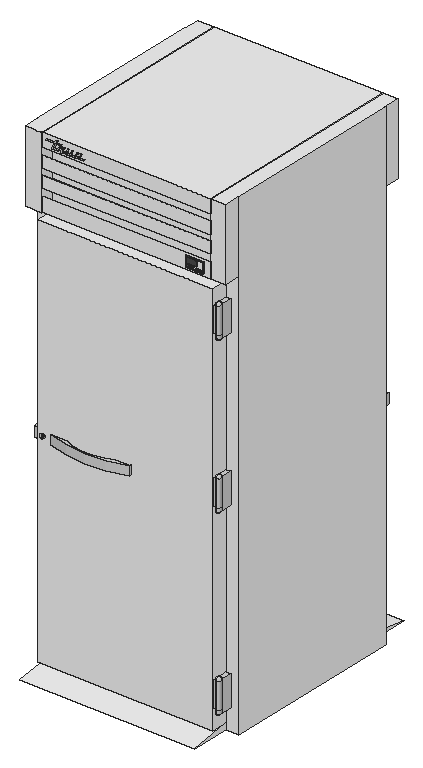
Revit family
Parameters
  Weight in Pounds = 0
  Watts = Volts * FL Amps  # 1023.5 W
  Volts = 115 V
  URL Cutsheet = "www.truemfg.com"
  URL = "www.truemfg.com"
  Type Mark [instance] = ""
  Type Comments = ""
  Status [instance] = ""
  Specification by User [instance] = ""
  Specification by Manufacturer = ""
  Show Logo [instance] = yes
  Show Clearance [instance] = yes
  Serial Number = ""
  Seismic Rating = ""
  SMACNA No = ""
  Revision Code [instance] = ""
  Phase = 1
  Omniclass Number and Title = ""
  Number of Poles [instance] = 1
  NAFEM Spec ID Number = ""
  Model = "STA1RRT-1S-1S"
  Min Ckt Ampacity = 0 A
  Max Overcurrent Protection = 0 A
  Masterspec = ""
  Manufacturer = "TRUE FOOD SERVICE EQUIPMENT, INC."
  Length = 35"
  Item Number [instance] = ""
  Installed By [instance] = ""
  Identify Quantity as Lot [instance] = yes
  Height = 83 3/4"
  HP = "1/3"
  Furnished By [instance] = ""
  Foodservice Equipment Identifier [instance] = yes
  FL Amps = 8.9 A
  Electrical Remarks [instance] = ""
  Electric Connection Type [instance] = ""
  Elec Conn RI Height [instance] = 0"
  Elec Conn Connection Height [instance] = 0"
  Description = "Roll-thru Solid Swing Door Refrigerator"
  Depth = 37 1/2"
  Cycle = 60 Hz
  Conn Plug = "5-15P"
  Conn Conduit = yes
  CSI MasterFormat = ""
  CSI Master Format = ""
  Apparent Power = if(Phase = 3, Volts * FL Amps * 1.73, Volts * FL Amps)  # 1023.5 VA
Reference planes (in)
  plane 1 "BACK": y = 0
  plane 2: z = 0
  plane 3 "LEFT": x = 0
  plane 4 "RIGHT": x = 35
  plane 5 "FRONT": y = -37.5
  plane 6 "TOP": z = 83.75
  plane 7: x = 2.84375
  plane 8: y = -37.4542
  plane 9: x = 32.15625
  plane 10: y = -0.0458
  plane 11: y = -18.75
  plane 12: z = 69.90625
Forms (in)
  Extrusion 1, solid, material "QF_Finishes_Chrome - Satin"
    sketch origin (0.05, 0, 0) x (1, 0, 0) y (0, 1, 0)
      loop
        line (-0.05, -2.75) -> (-0.05, -34.75) -> (2.87859, -34.75) -> (2.87859, -2.75) -> (-0.05, -2.75)
    from 0 to 83.75
  Extrusion 2, solid, material "QF_Finishes_Chrome - Satin"
    sketch origin (50.15, 0, 0) x (1, 0, 0) y (0, 1, 0)
      loop
        line (-17.85, -2.75) -> (-17.85, -34.75) -> (-15.15, -34.75) -> (-15.15, -2.75) -> (-17.85, -2.75)
    from 0 to 83.75
  Extrusion 3, solid, material "QF_Finishes_Chrome - Satin"
    sketch origin (0, 0, 0) x (0, 1, 0) y (0, 0, 1)
      loop
        line (-37.4542, 71.28125) -> (-34.75, 71.28125) -> (-34.75, 0) -> (-2.75, 0) -> (-2.75, 71.28125) -> (-0.0458, 71.28125) -> (-0.0458, 73.81726) -> (-2.25, 72.25) -> (-2.25, 73.52557) -> (-0.0458, 75.09284) -> (-0.0458, 77.18904) -> (-2.25, 75.62178) -> (-2.25, 76.58254) -> (-0.0458, 78.1498) -> (-0.0458, 80.28351) -> (-2.25, 78.71625) -> (-2.25, 79.83852) -> (-0.0458, 81.40578) -> (-0.0458, 83.75) -> (-37.4542, 83.75) -> (-37.4542, 81.40578) -> (-35.25, 79.83852) -> (-35.25, 78.71625) -> (-37.4542, 80.28351) -> (-37.4542, 78.1498) -> (-35.25, 76.58254) -> (-35.25, 75.62178) -> (-37.4542, 77.18904) -> (-37.4542, 75.09284) -> (-35.25, 73.52557) -> (-35.25, 72.25) -> (-37.4542, 73.81726) -> (-37.4542, 71.28125)
    from 2.92859 to 32.3
  Extrusion 4, solid, material "QF_Finishes_Chrome - Satin"
    sketch origin (0, 0, 0) x (1, 0, 0) y (0, 1, 0)
      loop
        line (34.84782, -34.75) -> (32.3, -34.75) -> (32.3, -37.5) -> (34.84782, -37.5) -> (34.84782, -34.75)
      loop
        line (34.84782, -2.75) -> (34.84782, 0) -> (32.3, 0) -> (32.3, -2.75) -> (34.84782, -2.75)
    from 71.28125 to 83.75
  Extrusion 5, solid, material "QF_Finishes_Chrome - Satin"
    sketch origin (-50.125, 0, 0.25) x (1, 0, 0) y (0, 1, 0)
      loop
        line (53.05359, -34.75) -> (50.24109, -34.75) -> (50.24109, -37.5) -> (53.05359, -37.5) -> (53.05359, -34.75)
      loop
        line (53.05359, -2.75) -> (53.05359, 0) -> (50.24109, 0) -> (50.24109, -2.75) -> (53.05359, -2.75)
    from 71.03125 to 83.5
  Extrusion 6, solid, material "QF_Finishes_Chrome - Satin"
    sketch origin (-24.96875, -3.75, -0.71875) x (1, 0, 0) y (0, 0, 1)
      loop
        line (27.25, 1.71875) -> (57.65625, 1.71875) -> (57.65625, 70.625) -> (27.25, 70.625) -> (27.25, 1.71875)
    from 31 to 33.75
  Extrusion 7, solid, material "QF_Finishes_Handrails and Railings"
    sketch origin (58.625, -0.25, 24.93519) x (1, 0, 0) y (0, 1, 0)
      loop
        line (-53.875, -37.25) -> (-53.875, -37.45)
        arc (-53.875, -37.45) -> (-47.075, -38.65633) -> (-40.275, -37.45) r 19.7687
        line (-40.275, -37.45) -> (-40.275, -37.25) -> (-42.675, -37.25)
        arc (-42.675, -37.25) -> (-47.075, -38.40816) -> (-51.475, -37.25) r 8.93713
        line (-51.475, -37.25) -> (-53.875, -37.25)
    from 10.87731 to 12.37731
  Extrusion 8, solid, material "QF_Finishes_Handrails and Railings"
    sketch origin (-23.375, -3.83467, -3.5) x (1, 0, 0) y (0, 0, 1)
      loop
        circle (26.4375, 40.0625) r 0.35
      loop
        line (26.47265, 40.33635) -> (26.41715, 40.33635) -> (26.41715, 39.76895) -> (26.47265, 39.76895) -> (26.47265, 40.33635)
    from 33.5 to 33.83066
  Extrusion 9, solid, material "QF_Finishes_Handrails and Railings", visible <- "Show Logo"
    sketch origin (0.33478, -2.68623, 4.98732) x (1, 0, 0) y (0, 0, 1)
      loop
        line (3.46044, 78.08731) -> (3.35478, 77.86073) -> (4.76027, 77.86073)
        arc (4.76027, 77.86073) -> (4.78879, 77.81028) -> (4.76027, 77.75984) r 0.05887
        line (4.76027, 77.75984) -> (4.39369, 76.97372)
        arc (4.39369, 76.97372) -> (4.39051, 76.90091) -> (4.43975, 76.84717) r 0.09523
        line (4.43975, 76.84717) -> (5.33844, 76.84717)
        arc (5.33844, 76.84717) -> (5.45192, 76.88295) -> (5.52436, 76.97735) r 0.19785
        line (5.52436, 76.97735) -> (5.81285, 77.59601) -> (6.0779, 77.59601)
        arc (6.0779, 77.59601) -> (6.14744, 77.57043) -> (6.13737, 77.49703) r 0.05911
        line (6.13737, 77.49703) -> (5.89598, 76.97937)
        arc (5.89598, 76.97937) -> (5.89974, 76.8934) -> (5.97231, 76.84717) r 0.09318
        line (5.97231, 76.84717) -> (6.76198, 76.84717)
        arc (6.76198, 76.84717) -> (6.82249, 76.86919) -> (6.85468, 76.92495) r 0.09412
        arc (6.85468, 76.92495) -> (6.87746, 76.86995) -> (6.93246, 76.84717) r 0.07778
        line (6.93246, 76.84717) -> (7.43246, 76.84717)
        arc (7.43246, 76.84717) -> (7.49022, 76.86265) -> (7.53251, 76.90493) r 0.11552
        arc (7.53251, 76.90493) -> (7.55275, 76.85606) -> (7.60162, 76.83581) r 0.06912
        line (7.60162, 76.83581) -> (8.31225, 76.83581)
        arc (8.31225, 76.83581) -> (8.37034, 76.85988) -> (8.39441, 76.91797) r 0.08216
        arc (8.39441, 76.91797) -> (8.44767, 76.86472) -> (8.52042, 76.84522) r 0.14551
        line (8.52042, 76.84522) -> (9.85158, 76.84522) -> (9.99946, 77.10134) -> (8.65678, 77.10134)
        arc (8.65678, 77.10134) -> (8.61972, 77.12704) -> (8.61834, 77.17211) r 0.05009
        line (8.61834, 77.17211) -> (8.64157, 77.22192)
        arc (8.64157, 77.22192) -> (8.67723, 77.26864) -> (8.73327, 77.28635) r 0.09747
        line (8.73327, 77.28635) -> (9.16485, 77.28635)
        arc (9.16485, 77.28635) -> (9.258, 77.31131) -> (9.32619, 77.3795) r 0.1863
        line (9.32619, 77.3795) -> (9.45119, 77.59601)
        arc (9.45119, 77.59601) -> (9.45119, 77.71157) -> (9.35111, 77.76934) r 0.11556
        line (9.35111, 77.76934) -> (8.89562, 77.76934)
        arc (8.89562, 77.76934) -> (8.7795, 77.74962) -> (8.69849, 77.66412) r 0.18605
        line (8.69849, 77.66412) -> (8.48204, 77.19993)
        arc (8.48204, 77.19993) -> (8.41815, 77.11667) -> (8.31806, 77.08511) r 0.1745
        line (8.31806, 77.08511) -> (7.84559, 77.08511)
        arc (7.84559, 77.08511) -> (7.78903, 77.14684) -> (7.79268, 77.23048) r 0.10939
        line (7.79268, 77.23048) -> (8.04395, 77.76934) -> (7.88403, 77.76934) -> (7.61781, 77.19844)
        arc (7.61781, 77.19844) -> (7.56609, 77.13103) -> (7.48505, 77.10548) r 0.14128
        line (7.48505, 77.10548) -> (7.15925, 77.10548)
        arc (7.15925, 77.10548) -> (7.10419, 77.17723) -> (7.116, 77.26689) r 0.11816
        line (7.116, 77.26689) -> (7.3503, 77.76934) -> (7.18514, 77.76934) -> (6.91546, 77.191)
        arc (6.91546, 77.191) -> (6.85285, 77.12839) -> (6.76733, 77.10548) r 0.17104
        line (6.76733, 77.10548) -> (6.29555, 77.10548)
        arc (6.29555, 77.10548) -> (6.21082, 77.14499) -> (6.20267, 77.23813) r 0.0935
        line (6.20267, 77.23813) -> (6.35774, 77.57069) -> (6.57695, 77.57069)
        arc (6.57695, 77.57069) -> (6.61395, 77.68217) -> (6.69267, 77.76934) r 0.2857
        line (6.69267, 77.76934) -> (5.83605, 77.76934)
        arc (5.83605, 77.76934) -> (5.74086, 77.74824) -> (5.67498, 77.67635) r 0.16212
        line (5.67498, 77.67635) -> (5.44279, 77.17841)
        arc (5.44279, 77.17841) -> (5.3894, 77.12502) -> (5.31647, 77.10548) r 0.14586
        line (5.31647, 77.10548) -> (4.80506, 77.10548)
        arc (4.80506, 77.10548) -> (4.76514, 77.15942) -> (4.77274, 77.22609) r 0.09155
        line (4.77274, 77.22609) -> (5.11018, 77.86073) -> (5.96155, 77.86073) -> (6.06721, 78.08731) -> (5.21584, 78.08731) -> (5.32149, 78.31388) -> (5.01862, 78.31388) -> (4.91297, 78.08731) -> (3.46044, 78.08731)
      loop
        arc (8.83805, 77.56363) -> (8.80119, 77.55375) -> (8.7742, 77.52676) r 0.07373
        line (8.7742, 77.52676) -> (8.75229, 77.45936)
        arc (8.75229, 77.45936) -> (8.76245, 77.43483) -> (8.78699, 77.42466) r 0.0347
        line (8.78699, 77.42466) -> (9.15948, 77.42466)
        arc (9.15948, 77.42466) -> (9.18632, 77.43061) -> (9.20812, 77.44734) r 0.0635
        line (9.20812, 77.44734) -> (9.22624, 77.53122)
        arc (9.22624, 77.53122) -> (9.22091, 77.55368) -> (9.20009, 77.56363) r 0.02676
        line (9.20009, 77.56363) -> (8.83805, 77.56363)
    from 34.76797 to 34.83173
  Extrusion 10, solid, material "QF_Finishes_White"
    sketch origin (-22.74812, -2.7042, -7.97497) x (1, 0, 0) y (0, 0, 1)
      loop
        line (50.81732, 81.35727) -> (50.81732, 79.60996) -> (53.72357, 79.60996) -> (53.72357, 81.35727) -> (50.81732, 81.35727)
    from 34.75 to 34.76797
  Extrusion 11, solid, material "QF_Finishes_Black"
    sketch origin (-22.74812, -2.7042, -7.97497) x (1, 0, 0) y (0, 0, 1)
      loop
        line (53.78607, 81.41977) -> (50.75482, 81.41977) -> (50.75482, 79.54746) -> (53.78607, 79.54746) -> (53.78607, 81.41977)
      loop
        spline (50.95482, 79.87872) -> (50.96333, 79.86254) -> (50.98831, 79.84747) -> (51.02804, 79.83452) -> (51.07982, 79.82459) -> (51.14011, 79.81835) -> (51.20482, 79.81622) -> (51.26952, 79.81835) -> (51.32982, 79.82459) -> (51.38159, 79.83452) -> (51.42132, 79.84747) -> (51.4463, 79.86254) -> (51.45482, 79.87872)
        spline (51.45482, 79.87872) -> (51.4463, 79.89489) -> (51.42132, 79.90997) -> (51.38159, 79.92291) -> (51.32982, 79.93284) -> (51.26952, 79.93909) -> (51.20482, 79.94122) -> (51.14011, 79.93909) -> (51.07982, 79.93284) -> (51.02804, 79.92291) -> (50.98831, 79.90997) -> (50.96333, 79.89489) -> (50.95482, 79.87872)
      loop
        spline (51.65083, 79.87872) -> (51.65935, 79.86254) -> (51.68432, 79.84747) -> (51.72405, 79.83452) -> (51.77583, 79.82459) -> (51.83612, 79.81835) -> (51.90083, 79.81622) -> (51.96553, 79.81835) -> (52.02583, 79.82459) -> (52.07761, 79.83452) -> (52.11734, 79.84747) -> (52.14231, 79.86254) -> (52.15083, 79.87872)
        spline (52.15083, 79.87872) -> (52.14231, 79.89489) -> (52.11734, 79.90997) -> (52.07761, 79.92291) -> (52.02583, 79.93284) -> (51.96553, 79.93909) -> (51.90083, 79.94122) -> (51.83612, 79.93909) -> (51.77583, 79.93284) -> (51.72405, 79.92291) -> (51.68432, 79.90997) -> (51.65935, 79.89489) -> (51.65083, 79.87872)
      loop
        spline (52.40083, 79.87872) -> (52.40935, 79.86254) -> (52.43432, 79.84747) -> (52.47405, 79.83452) -> (52.52583, 79.82459) -> (52.58612, 79.81835) -> (52.65083, 79.81622) -> (52.71553, 79.81835) -> (52.77583, 79.82459) -> (52.82761, 79.83452) -> (52.86734, 79.84747) -> (52.89231, 79.86254) -> (52.90083, 79.87872)
        spline (52.90083, 79.87872) -> (52.89231, 79.89489) -> (52.86734, 79.90997) -> (52.82761, 79.92291) -> (52.77583, 79.93284) -> (52.71553, 79.93909) -> (52.65083, 79.94122) -> (52.58612, 79.93909) -> (52.52583, 79.93284) -> (52.47405, 79.92291) -> (52.43432, 79.90997) -> (52.40935, 79.89489) -> (52.40083, 79.87872)
      loop
        line (50.95481, 81.21978) -> (50.95481, 80.21978) -> (52.65433, 80.21978) -> (52.65433, 81.21978) -> (50.95481, 81.21978)
      loop
        line (53.72357, 81.35727) -> (50.81732, 81.35727) -> (50.81732, 79.60996) -> (53.72357, 79.60996) -> (53.72357, 81.35727)
      loop
        spline (53.15083, 79.87872) -> (53.15935, 79.86254) -> (53.18432, 79.84747) -> (53.22405, 79.83452) -> (53.27583, 79.82459) -> (53.33612, 79.81835) -> (53.40083, 79.81622) -> (53.46553, 79.81835) -> (53.52583, 79.82459) -> (53.57761, 79.83452) -> (53.61734, 79.84747) -> (53.64231, 79.86254) -> (53.65083, 79.87872)
        spline (53.65083, 79.87872) -> (53.64231, 79.89489) -> (53.61734, 79.90997) -> (53.57761, 79.92291) -> (53.52583, 79.93284) -> (53.46553, 79.93909) -> (53.40083, 79.94122) -> (53.33612, 79.93909) -> (53.27583, 79.93284) -> (53.22405, 79.92291) -> (53.18432, 79.90997) -> (53.15935, 79.89489) -> (53.15083, 79.87872)
    from 34.76797 to 34.80335
  Extrusion 12, solid
    sketch origin (-25.125, 0, 0) x (1, 0, 0) y (0, 0, 1)
      loop
        circle (56.875, 81.625) r 0.25
    from 0 to 0.0625
  Blend 13, solid, material "QF_Finishes_Handrails and Railings"
    base sketch origin (27.53125, -3.75, -1.5) x (-1, 0, 0) y (0, 0, -1)
      loop
        line (25.25, -38.99169) -> (26, -38.99169) -> (26, -37.24169) -> (25.25, -37.24169) -> (25.25, -38.99169)
    top sketch origin (27.53125, 0, -1.5) x (-1, 0, 0) y (0, 0, -1)
      loop
        line (26.18223, -36.6441) -> (25.25, -36.6441) -> (25.25, -39.42643) -> (26.18223, -39.42643) -> (26.18223, -36.6441)
    from 33.57883 to 34.75
  Extrusion 14, solid, material "QF_Finishes_Handrails and Railings"
    sketch origin (33.78125, 0, 3.25) x (0, 1, 0) y (0, 0, -1)
      loop
        line (-34.75, -64.17729) -> (-34.75, -58.86127) -> (-37, -58.86127) -> (-37, -59.57348) -> (-36.56497, -59.57348) -> (-36.56497, -63.97276)
        arc (-36.56497, -63.97276) -> (-36.50506, -64.11738) -> (-36.36044, -64.17729) r 0.20453
        line (-36.36044, -64.17729) -> (-34.75, -64.17729)
    from 0.17506 to 1
  Revolve 15, solid, material "QF_Finishes_Handrails and Railings"
    sketch origin (33.28125, 0, 3.25) x (0, 1, 0) y (0, 0, -1)
      loop
        line (-37.01563, -59.62689) -> (-37.42229, -59.62689) -> (-37.42229, -64.0986)
        arc (-37.42229, -64.0986) -> (-37.28722, -64.35057) -> (-37.01563, -64.43983) r 0.3848
        line (-37.01563, -64.43983) -> (-37.01563, -59.62689)
      loop
        line (-37.01563, -59.57348) -> (-37.01563, -58.67281)
        arc (-37.01563, -58.67281) -> (-37.28264, -58.75883) -> (-37.42229, -59.00212) r 0.38884
        line (-37.42229, -59.00212) -> (-37.42229, -59.57348) -> (-37.01563, -59.57348)
      axis (-37.01563, -58.67281) -> (-37.01563, -64.43983)
    angle from 0 to 360
  Extrusion 16, solid, material "QF_Finishes_Handrails and Railings"
    sketch origin (27.5, -3.82734, 3.2511) x (-1, 0, 0) y (0, 0, -1)
      loop
        line (-5.58509, -64.0986) -> (-5.1875, -64.0986) -> (-5.1875, -59.62579) -> (-5.58509, -59.62579) -> (-5.58509, -64.0986)
    from 32.81497 to 33.59495
  Extrusion 17, solid, material "QF_Finishes_Handrails and Railings"
    sketch origin (33.78125, 0, -24) x (0, 1, 0) y (0, 0, -1)
      loop
        line (-34.75, -64.55229) -> (-34.75, -59.23627) -> (-37, -59.23627) -> (-37, -59.94848) -> (-36.56497, -59.94848) -> (-36.56497, -64.34776)
        arc (-36.56497, -64.34776) -> (-36.50506, -64.49238) -> (-36.36044, -64.55229) r 0.20453
        line (-36.36044, -64.55229) -> (-34.75, -64.55229)
    from 0.17506 to 1
  Revolve 18, solid, material "QF_Finishes_Handrails and Railings"
    sketch origin (33.28125, 0, -24) x (0, 1, 0) y (0, 0, -1)
      loop
        line (-37.01563, -60.00189) -> (-37.42229, -60.00189) -> (-37.42229, -64.4736)
        arc (-37.42229, -64.4736) -> (-37.28722, -64.72557) -> (-37.01563, -64.81483) r 0.3848
        line (-37.01563, -64.81483) -> (-37.01563, -60.00189)
      loop
        line (-37.01563, -59.94848) -> (-37.01563, -59.04781)
        arc (-37.01563, -59.04781) -> (-37.28264, -59.13383) -> (-37.42229, -59.37712) r 0.38884
        line (-37.42229, -59.37712) -> (-37.42229, -59.94848) -> (-37.01563, -59.94848)
      axis (-37.01563, -59.04781) -> (-37.01563, -64.81483)
    angle from 0 to 360
  Extrusion 19, solid, material "QF_Finishes_Handrails and Railings"
    sketch origin (27.5, -3.82734, -23.9989) x (-1, 0, 0) y (0, 0, -1)
      loop
        line (-5.58509, -64.4736) -> (-5.1875, -64.4736) -> (-5.1875, -60.00079) -> (-5.58509, -60.00079) -> (-5.58509, -64.4736)
    from 32.81497 to 33.59495
  Extrusion 20, solid, material "QF_Finishes_Handrails and Railings"
    sketch origin (33.78125, 0, -55.5) x (0, 1, 0) y (0, 0, -1)
      loop
        line (-34.75, -64.55229) -> (-34.75, -59.23627) -> (-37, -59.23627) -> (-37, -59.94848) -> (-36.56497, -59.94848) -> (-36.56497, -64.34776)
        arc (-36.56497, -64.34776) -> (-36.50506, -64.49238) -> (-36.36044, -64.55229) r 0.20453
        line (-36.36044, -64.55229) -> (-34.75, -64.55229)
    from 0.17506 to 1
  Revolve 21, solid, material "QF_Finishes_Handrails and Railings"
    sketch origin (33.28125, 0, -55.5) x (0, 1, 0) y (0, 0, -1)
      loop
        line (-37.01563, -60.00189) -> (-37.42229, -60.00189) -> (-37.42229, -64.4736)
        arc (-37.42229, -64.4736) -> (-37.28722, -64.72557) -> (-37.01563, -64.81483) r 0.3848
        line (-37.01563, -64.81483) -> (-37.01563, -60.00189)
      loop
        line (-37.01563, -59.94848) -> (-37.01563, -59.04781)
        arc (-37.01563, -59.04781) -> (-37.28264, -59.13383) -> (-37.42229, -59.37712) r 0.38884
        line (-37.42229, -59.37712) -> (-37.42229, -59.94848) -> (-37.01563, -59.94848)
      axis (-37.01563, -59.04781) -> (-37.01563, -64.81483)
    angle from 0 to 360
  Extrusion 22, solid, material "QF_Finishes_Handrails and Railings"
    sketch origin (27.5, -3.82734, -55.4989) x (-1, 0, 0) y (0, 0, -1)
      loop
        line (-5.58509, -64.4736) -> (-5.1875, -64.4736) -> (-5.1875, -60.00079) -> (-5.58509, -60.00079) -> (-5.58509, -64.4736)
    from 32.81497 to 33.59495
  Extrusion 23, solid, material "QF_Finishes_Door Clearance", visible <- "Show Clearance", detail levels coarse
    sketch origin (26.42841, -3.6098, 0) x (1, 0, 0) y (0, 1, 0)
      loop
        line (6.32159, -33.8902) -> (-24.14716, -33.8902)
        arc (-24.14716, -33.8902) -> (-15.22307, -55.43486) -> (6.32159, -64.35895) r 30.46875
        line (6.32159, -64.35895) -> (6.32159, -33.8902)
    from 1 to 69.90625
  Extrusion 24, solid, material "QF_Finishes_Chrome - Satin"
    sketch origin (32.6875, -3.75, 8.03125) x (0, 0, 1) y (0, -1, 0)
      loop
        line (-8.03125, 37.6875) -> (-8.03125, 31) -> (-7.03125, 31) -> (-8.03125, 37.6875)
    from 0 to -30.40625
  Extrusion 25, solid, material "QF_Finishes_Chrome - Satin"
    sketch origin (59.96875, -33.75, -0.71875) x (-1, 0, 0) y (0, 0, 1)
      loop
        line (27.25, 1.71875) -> (57.65625, 1.71875) -> (57.65625, 70.625) -> (27.25, 70.625) -> (27.25, 1.71875)
    from 31 to 33.75
  Extrusion 26, solid, material "QF_Finishes_Handrails and Railings"
    sketch origin (-23.625, -37.25, 24.93519) x (-1, 0, 0) y (0, -1, 0)
      loop
        line (-53.875, -37.25) -> (-53.875, -37.45)
        arc (-53.875, -37.45) -> (-47.075, -38.65628) -> (-40.275, -37.45) r 19.76948
        line (-40.275, -37.45) -> (-40.275, -37.25) -> (-42.675, -37.25)
        arc (-42.675, -37.25) -> (-47.075, -38.40816) -> (-51.475, -37.25) r 8.93715
        line (-51.475, -37.25) -> (-53.875, -37.25)
    from 10.87731 to 12.37731
  Extrusion 27, solid, material "QF_Finishes_Handrails and Railings"
    sketch origin (58.375, -33.66533, -3.5) x (-1, 0, 0) y (0, 0, 1)
      loop
        circle (26.4375, 40.0625) r 0.35
      loop
        line (26.47265, 40.33635) -> (26.41715, 40.33635) -> (26.41715, 39.76895) -> (26.47265, 39.76895) -> (26.47265, 40.33635)
    from 33.5 to 33.83066
  Blend 28, solid, material "QF_Finishes_Handrails and Railings"
    base sketch origin (7.46875, -33.75, -1.5) x (1, 0, 0) y (0, 0, -1)
      loop
        line (25.25, -38.99169) -> (26, -38.99169) -> (26, -37.24169) -> (25.25, -37.24169) -> (25.25, -38.99169)
    top sketch origin (7.46875, -37.5, -1.5) x (1, 0, 0) y (0, 0, -1)
      loop
        line (26.18223, -36.6441) -> (25.25, -36.6441) -> (25.25, -39.42643) -> (26.18223, -39.42643) -> (26.18223, -36.6441)
    from 33.57883 to 34.75
  Extrusion 29, solid, material "QF_Finishes_Handrails and Railings"
    sketch origin (1.21875, -37.5, 3.25) x (0, -1, 0) y (0, 0, -1)
      loop
        line (-34.75, -64.17729) -> (-34.75, -58.86127) -> (-37, -58.86127) -> (-37, -59.57348) -> (-36.56497, -59.57348) -> (-36.56497, -63.97276)
        arc (-36.56497, -63.97276) -> (-36.50506, -64.11738) -> (-36.36044, -64.17729) r 0.20453
        line (-36.36044, -64.17729) -> (-34.75, -64.17729)
    from 0.17506 to 1
  Revolve 30, solid, material "QF_Finishes_Handrails and Railings"
    sketch origin (1.71875, -37.5, 3.25) x (0, -1, 0) y (0, 0, -1)
      loop
        line (-37.01563, -59.62689) -> (-37.42229, -59.62689) -> (-37.42229, -64.0986)
        arc (-37.42229, -64.0986) -> (-37.28722, -64.35057) -> (-37.01563, -64.43983) r 0.3848
        line (-37.01563, -64.43983) -> (-37.01563, -59.62689)
      loop
        line (-37.01563, -59.57348) -> (-37.01563, -58.67281)
        arc (-37.01563, -58.67281) -> (-37.28264, -58.75883) -> (-37.42229, -59.00212) r 0.38884
        line (-37.42229, -59.00212) -> (-37.42229, -59.57348) -> (-37.01563, -59.57348)
      axis (-37.01563, -58.67281) -> (-37.01563, -64.43983)
    angle from 0 to 360
  Extrusion 31, solid, material "QF_Finishes_Handrails and Railings"
    sketch origin (7.5, -33.67266, 3.2511) x (1, 0, 0) y (0, 0, -1)
      loop
        line (-5.58509, -64.0986) -> (-5.1875, -64.0986) -> (-5.1875, -59.62579) -> (-5.58509, -59.62579) -> (-5.58509, -64.0986)
    from 32.81497 to 33.59495
  Extrusion 32, solid, material "QF_Finishes_Handrails and Railings"
    sketch origin (1.21875, -37.5, -24) x (0, -1, 0) y (0, 0, -1)
      loop
        line (-34.75, -64.55229) -> (-34.75, -59.23627) -> (-37, -59.23627) -> (-37, -59.94848) -> (-36.56497, -59.94848) -> (-36.56497, -64.34776)
        arc (-36.56497, -64.34776) -> (-36.50506, -64.49238) -> (-36.36044, -64.55229) r 0.20453
        line (-36.36044, -64.55229) -> (-34.75, -64.55229)
    from 0.17506 to 1
  Revolve 33, solid, material "QF_Finishes_Handrails and Railings"
    sketch origin (1.71875, -37.5, -24) x (0, -1, 0) y (0, 0, -1)
      loop
        line (-37.01563, -60.00189) -> (-37.42229, -60.00189) -> (-37.42229, -64.4736)
        arc (-37.42229, -64.4736) -> (-37.28722, -64.72557) -> (-37.01563, -64.81483) r 0.3848
        line (-37.01563, -64.81483) -> (-37.01563, -60.00189)
      loop
        line (-37.01563, -59.94848) -> (-37.01563, -59.04781)
        arc (-37.01563, -59.04781) -> (-37.28264, -59.13383) -> (-37.42229, -59.37712) r 0.38884
        line (-37.42229, -59.37712) -> (-37.42229, -59.94848) -> (-37.01563, -59.94848)
      axis (-37.01563, -59.04781) -> (-37.01563, -64.81483)
    angle from 0 to 360
  Extrusion 34, solid, material "QF_Finishes_Handrails and Railings"
    sketch origin (7.5, -33.67266, -23.9989) x (1, 0, 0) y (0, 0, -1)
      loop
        line (-5.58509, -64.4736) -> (-5.1875, -64.4736) -> (-5.1875, -60.00079) -> (-5.58509, -60.00079) -> (-5.58509, -64.4736)
    from 32.81497 to 33.59495
  Extrusion 35, solid, material "QF_Finishes_Handrails and Railings"
    sketch origin (1.21875, -37.5, -55.5) x (0, -1, 0) y (0, 0, -1)
      loop
        line (-34.75, -64.55229) -> (-34.75, -59.23627) -> (-37, -59.23627) -> (-37, -59.94848) -> (-36.56497, -59.94848) -> (-36.56497, -64.34776)
        arc (-36.56497, -64.34776) -> (-36.50506, -64.49238) -> (-36.36044, -64.55229) r 0.20453
        line (-36.36044, -64.55229) -> (-34.75, -64.55229)
    from 0.17506 to 1
  Revolve 36, solid, material "QF_Finishes_Handrails and Railings"
    sketch origin (1.71875, -37.5, -55.5) x (0, -1, 0) y (0, 0, -1)
      loop
        line (-37.01563, -60.00189) -> (-37.42229, -60.00189) -> (-37.42229, -64.4736)
        arc (-37.42229, -64.4736) -> (-37.28722, -64.72557) -> (-37.01563, -64.81483) r 0.3848
        line (-37.01563, -64.81483) -> (-37.01563, -60.00189)
      loop
        line (-37.01563, -59.94848) -> (-37.01563, -59.04781)
        arc (-37.01563, -59.04781) -> (-37.28264, -59.13383) -> (-37.42229, -59.37712) r 0.38884
        line (-37.42229, -59.37712) -> (-37.42229, -59.94848) -> (-37.01563, -59.94848)
      axis (-37.01563, -59.04781) -> (-37.01563, -64.81483)
    angle from 0 to 360
  Extrusion 37, solid, material "QF_Finishes_Handrails and Railings"
    sketch origin (7.5, -33.67266, -55.4989) x (1, 0, 0) y (0, 0, -1)
      loop
        line (-5.58509, -64.4736) -> (-5.1875, -64.4736) -> (-5.1875, -60.00079) -> (-5.58509, -60.00079) -> (-5.58509, -64.4736)
    from 32.81497 to 33.59495
  Extrusion 38, solid, material "QF_Finishes_Door Clearance", visible <- "Show Clearance", detail levels coarse
    sketch origin (8.57159, -33.8902, 0) x (-1, 0, 0) y (0, -1, 0)
      loop
        line (6.32159, -33.8902) -> (-24.14716, -33.8902)
        arc (-24.14716, -33.8902) -> (-15.22307, -55.43486) -> (6.32159, -64.35895) r 30.46875
        line (6.32159, -64.35895) -> (6.32159, -33.8902)
    from 1 to 69.90625
  Extrusion 39, solid, material "QF_Finishes_Chrome - Satin"
    sketch origin (2.3125, -33.75, 8.03125) x (0, 0, 1) y (0, 1, 0)
      loop
        line (-8.03125, 37.6875) -> (-8.03125, 31) -> (-7.03125, 31) -> (-8.03125, 37.6875)
    from 0 to -30.40625
Cuts and joins
  joined: Extrusion 1, Extrusion 2, Extrusion 4, Extrusion 5
Lines and regions (in)
  symbolic lines
    curve 1: line (0, 0, 0) -> (35, 0, 0)
    curve 2: line (0, -37.5, 0) -> (0, 0, 0)
    curve 3: line (35, -37.5, 0) -> (0, -37.5, 0)
    curve 4: line (35, 0, 0) -> (35, -37.5, 0)
    curve 5: line (35, -35.25, 0) -> (0, -35.25, 0)
    curve 6: arc (15.95746, -37.5, 0) -> (11.55746, -38.65816, 0) -> (7.15746, -37.5, 0) r 8.93715
    curve 7: line (4.75746, -37.5, 0) -> (4.75746, -37.70273, 0)
    curve 8: line (18.35746, -37.69726, 0) -> (18.35746, -37.5, 0)
    curve 13: line (16.65, 0.2, 0) -> (16.65, 0, 0)
    curve 14: line (30.25, 0, 0) -> (30.25, 0.2, 0)
    curve 15: arc (19.05, 0, 0) -> (23.45, 1.15816, 0) -> (27.85, 0, 0) r 8.93715
    curve 16: arc (4.75746, -37.70273, 0) -> (11.55795, -38.90633, 0) -> (18.35746, -37.69726, 0) r 19.7687
    curve 17: arc (30.25, 0.2, 0) -> (23.45, 1.40628, 0) -> (16.65, 0.2, 0) r 19.76948
    curve 18: line (35, -2.25, 0) -> (0, -2.25, 0)
  symbolic lines, style "QF-Door Swings", visible <- "Show Clearance", detail levels coarse
    curve 9: line (32.75, -37.5, 0) -> (32.75, -67.96875, 0)
    curve 10: arc (32.75, -67.96875, 0) -> (11.20534, -59.04466, 0) -> (2.28125, -37.5, 0) r 30.46875
    curve 11: line (2.25, 0, 0) -> (2.25, 30.46875, 0)
    curve 12: arc (2.25, 30.46875, 0) -> (23.79466, 21.54466, 0) -> (32.71875, 0, 0) r 30.46875
Dimensions and locks (in)
  "Depth": plane 5 "FRONT" to plane 1 "BACK"
  plane 6 "TOP" to level = 83 3/4"  (x2)
  Extrusion 6 sketch curve to Extrusion 6 sketch curve = 30 13/32"
  Extrusion 6 to plane 1 "BACK" = 37 1/2"
  "Length": plane 3 "LEFT" to plane 4 "RIGHT"
  plane 4 "RIGHT" to plane 3 "LEFT" = 35"
  plane 5 "FRONT" to plane 1 "BACK" = 37 1/2"
  Extrusion 25 sketch curve to Extrusion 25 sketch curve = 30 13/32"
  plane 12 to level = 69 29/32"
  aligned and locked: level to plane 2
Automatic sketch dimensions
  Extrusion 39 sketch curve to Extrusion 25 = 0"
  Extrusion 39 sketch curve to Extrusion 39 sketch curve = 1"
  Extrusion 39 sketch curve to Extrusion 25 = 3 15/16"
  Extrusion 1 sketch curve to plane 3 "LEFT" = 0"
  plane 1 "BACK" to Extrusion 1 sketch curve = 2 3/4"
  plane 7 to Extrusion 1 sketch curve = 0.08484"
  Extrusion 1 sketch curve to plane 5 "FRONT" = 2 3/4"
  plane 1 "BACK" to Extrusion 2 sketch curve = 2 3/4"
  Extrusion 2 sketch curve to plane 4 "RIGHT" = 0"
  Extrusion 2 sketch curve to plane 9 = 0.14375"
  Extrusion 2 sketch curve to plane 5 "FRONT" = 2 3/4"
  Extrusion 3 sketch curve to plane 8 = 0"  (x4)
  Extrusion 3 sketch curve to level = 0"
  Extrusion 3 sketch curve to plane 10 = 0"  (x4)
  Extrusion 3 sketch curve to plane 6 "TOP" = 0"
  plane 8 to Extrusion 3 sketch curve = 2.2042"
  Extrusion 3 sketch curve to Extrusion 3 sketch curve = 0"  (x3)
  plane 8 to Extrusion 3 sketch curve = 2.7042"
  Extrusion 3 sketch curve to Extrusion 3 sketch curve = 2.7042"
  plane 10 to Extrusion 3 sketch curve = 2.2042"
  Extrusion 3 sketch curve to Extrusion 3 sketch curve = 1/2"
  Extrusion 3 sketch curve to plane 6 "TOP" = 12 15/32"  (x2)
  Extrusion 3 sketch curve to Extrusion 3 sketch curve = 31/32"  (x2)
  Extrusion 3 sketch curve to Extrusion 3 sketch curve = 1.27557"  (x4)
  Extrusion 3 sketch curve to Extrusion 3 sketch curve = 0.29169"  (x2)
  Extrusion 3 sketch curve to Extrusion 3 sketch curve = 2.0962"  (x4)
  Extrusion 3 sketch curve to Extrusion 3 sketch curve = 0.96076"  (x4)
  Extrusion 3 sketch curve to Extrusion 3 sketch curve = 2.13371"  (x4)
  Extrusion 3 sketch curve to Extrusion 3 sketch curve = 1.12227"  (x4)
  Extrusion 6 sketch curve to plane 7 = 9/16"
  level to Extrusion 6 sketch curve = 1"
  Extrusion 6 sketch curve to plane 6 "TOP" = 13 27/32"
  plane 7 to Extrusion 8 sketch curve = 0.1984"
  plane 7 to Extrusion 8 sketch curve = 7/32"
  Extrusion 8 sketch curve to Extrusion 8 sketch curve = 0.0555"
  level to Extrusion 8 sketch curve = 36.26895"
  Extrusion 8 sketch curve to Extrusion 8 sketch curve = 0.29355"
  Extrusion 8 sketch curve to Extrusion 8 sketch curve = 0.27385"
  plane 7 to Extrusion 9 sketch curve = 0.84582"
  Extrusion 9 sketch curve to Extrusion 9 sketch curve = 0.10565"  (x5)
  Extrusion 9 sketch curve to Extrusion 9 sketch curve = 1.03891"
  Extrusion 9 sketch curve to Extrusion 9 sketch curve = 0.04606"
  Extrusion 9 sketch curve to Extrusion 9 sketch curve = 0.08631"
  Extrusion 9 sketch curve to Extrusion 9 sketch curve = 0.33624"
  Extrusion 9 sketch curve to Extrusion 9 sketch curve = 0.03034"  (x2)
  Extrusion 9 sketch curve to Extrusion 9 sketch curve = 0.29274"
  Extrusion 9 sketch curve to Extrusion 9 sketch curve = 0.03232"
  Extrusion 9 sketch curve to Extrusion 9 sketch curve = 0.04851"
  Extrusion 9 sketch curve to plane 6 "TOP" = 0.67537"
  Extrusion 9 sketch curve to Extrusion 9 sketch curve = 0.1527"
  Extrusion 9 sketch curve to plane 6 "TOP" = 0.4488"
  Extrusion 9 sketch curve to Extrusion 9 sketch curve = 0.19721"
  Extrusion 9 sketch curve to Extrusion 9 sketch curve = 0.4629"
  Extrusion 9 sketch curve to Extrusion 9 sketch curve = 0.02197"
  Extrusion 9 sketch curve to Extrusion 9 sketch curve = 0.12632"
  Extrusion 9 sketch curve to Extrusion 9 sketch curve = 0.18591"
  Extrusion 9 sketch curve to plane 6 "TOP" = 1.08633"
  Extrusion 9 sketch curve to Extrusion 9 sketch curve = 0.2322"
  Extrusion 9 sketch curve to Extrusion 9 sketch curve = 0.13786"
  Extrusion 9 sketch curve to Extrusion 9 sketch curve = 0.00907"
  Extrusion 9 sketch curve to Extrusion 9 sketch curve = 0.01413"
  Extrusion 9 sketch curve to Extrusion 9 sketch curve = 0.37162"
  Extrusion 9 sketch curve to plane 6 "TOP" = 0.90195"
  Extrusion 9 sketch curve to Extrusion 9 sketch curve = 0.12551"
  Extrusion 9 sketch curve to Extrusion 9 sketch curve = 0.07633"
  Extrusion 9 sketch curve to Extrusion 9 sketch curve = 0.08445"
  Extrusion 9 sketch curve to Extrusion 9 sketch curve = 0.25598"
  Extrusion 9 sketch curve to Extrusion 9 sketch curve = 0.01887"
  Extrusion 9 sketch curve to Extrusion 9 sketch curve = 0.04061"
  Extrusion 9 sketch curve to plane 6 "TOP" = 1.52455"
  Extrusion 9 sketch curve to Extrusion 9 sketch curve = 0.0653"
  Extrusion 9 sketch curve to Extrusion 9 sketch curve = 0.08474"
  Extrusion 9 sketch curve to Extrusion 9 sketch curve = 0.00815"
  Extrusion 9 sketch curve to Extrusion 9 sketch curve = 0.22037"
  Extrusion 9 sketch curve to Extrusion 9 sketch curve = 0.21921"
  Extrusion 9 sketch curve to Extrusion 9 sketch curve = 0.11572"
  Extrusion 9 sketch curve to Extrusion 9 sketch curve = 0.46643"
  Extrusion 9 sketch curve to Extrusion 9 sketch curve = 0.00535"
  Extrusion 9 sketch curve to Extrusion 9 sketch curve = 0.09269"
  Extrusion 9 sketch curve to Extrusion 9 sketch curve = 0.09348"
  Extrusion 9 sketch curve to Extrusion 9 sketch curve = 0.14812"
  Extrusion 9 sketch curve to Extrusion 9 sketch curve = 0.07778"
  Extrusion 9 sketch curve to Extrusion 9 sketch curve = 0.20054"
  Extrusion 9 sketch curve to Extrusion 9 sketch curve = 0.04325"
  Extrusion 9 sketch curve to plane 6 "TOP" = 0.99334"  (x2)
  Extrusion 9 sketch curve to Extrusion 9 sketch curve = 0.32433"
  Extrusion 9 sketch curve to Extrusion 9 sketch curve = 0.10233"  (x2)
  Extrusion 9 sketch curve to Extrusion 9 sketch curve = 0.16515"
  Extrusion 9 sketch curve to Extrusion 9 sketch curve = 0.27321"
  Extrusion 9 sketch curve to Extrusion 9 sketch curve = 0.0526"
  Extrusion 9 sketch curve to Extrusion 9 sketch curve = 0.10005"
  Extrusion 9 sketch curve to Extrusion 9 sketch curve = 0.06912"
  Extrusion 9 sketch curve to Extrusion 9 sketch curve = 0.13276"
  Extrusion 9 sketch curve to plane 6 "TOP" = 1.5322"
  Extrusion 9 sketch curve to Extrusion 9 sketch curve = 0.17486"
  Extrusion 9 sketch curve to Extrusion 9 sketch curve = 0.05291"
  Extrusion 9 sketch curve to Extrusion 9 sketch curve = 0.53374"
  Extrusion 9 sketch curve to Extrusion 9 sketch curve = 0.09914"
  Extrusion 9 sketch curve to Extrusion 9 sketch curve = 0.15992"
  Extrusion 9 sketch curve to Extrusion 9 sketch curve = 0.46666"
  Extrusion 9 sketch curve to Extrusion 9 sketch curve = 0.00582"
  Extrusion 9 sketch curve to Extrusion 9 sketch curve = 0.08216"
  Extrusion 9 sketch curve to Extrusion 9 sketch curve = 0.16397"
  Extrusion 9 sketch curve to Extrusion 9 sketch curve = 0.12601"
  Extrusion 9 sketch curve to plane 6 "TOP" = 1.59057"
  Extrusion 9 sketch curve to Extrusion 9 sketch curve = 0.1363"
  Extrusion 9 sketch curve to plane 6 "TOP" = 1.54076"
  Extrusion 9 sketch curve to Extrusion 9 sketch curve = 0.02323"
  Extrusion 9 sketch curve to Extrusion 9 sketch curve = 0.03844"
  Extrusion 9 sketch curve to Extrusion 9 sketch curve = 0.0454"
  Extrusion 9 sketch curve to Extrusion 9 sketch curve = 0.05693"
  Extrusion 9 sketch curve to Extrusion 9 sketch curve = 0.0917"
  Extrusion 9 sketch curve to Extrusion 9 sketch curve = 0.01902"
  Extrusion 9 sketch curve to Extrusion 9 sketch curve = 0.02191"
  Extrusion 9 sketch curve to Extrusion 9 sketch curve = 0.0347"
  Extrusion 9 sketch curve to Extrusion 9 sketch curve = 0.06385"
  Extrusion 9 sketch curve to Extrusion 9 sketch curve = 0.02906"
  Extrusion 9 sketch curve to Extrusion 9 sketch curve = 0.02851"
  Extrusion 9 sketch curve to Extrusion 9 sketch curve = 0.29237"
  Extrusion 9 sketch curve to Extrusion 9 sketch curve = 0.00537"
  Extrusion 9 sketch curve to Extrusion 9 sketch curve = 0.0406"
  Extrusion 9 sketch curve to plane 6 "TOP" = 1.31534"
  Extrusion 9 sketch curve to Extrusion 9 sketch curve = 0.04327"
  Extrusion 9 sketch curve to Extrusion 9 sketch curve = 0.02615"
  Extrusion 9 sketch curve to plane 6 "TOP" = 1.38318"
  Extrusion 9 sketch curve to Extrusion 9 sketch curve = 0.11806"
  Extrusion 9 sketch curve to Extrusion 9 sketch curve = 0.15103"
  Extrusion 9 sketch curve to Extrusion 9 sketch curve = 0.10007"
  Extrusion 9 sketch curve to Extrusion 9 sketch curve = 0.5254"
  Extrusion 9 sketch curve to plane 6 "TOP" = 1.66134"
  Extrusion 9 sketch curve to Extrusion 9 sketch curve = 0.14787"
  Extrusion 9 sketch curve to Extrusion 9 sketch curve = 0.14537"
  Extrusion 9 sketch curve to Extrusion 9 sketch curve = 0.63134"
  Extrusion 9 sketch curve to Extrusion 9 sketch curve = 0.11061"
  Extrusion 9 sketch curve to Extrusion 9 sketch curve = 0.25876"
  Extrusion 9 sketch curve to Extrusion 9 sketch curve = 0.06767"
  Extrusion 9 sketch curve to Extrusion 9 sketch curve = 0.12655"
  Extrusion 9 sketch curve to Extrusion 9 sketch curve = 0.12242"
  Extrusion 9 sketch curve to Extrusion 9 sketch curve = 0.29684"
  Extrusion 9 sketch curve to Extrusion 9 sketch curve = 0.03938"
  Extrusion 9 sketch curve to Extrusion 9 sketch curve = 0.06046"
  Extrusion 9 sketch curve to Extrusion 9 sketch curve = 0.13266"
  Extrusion 9 sketch curve to Extrusion 9 sketch curve = 0.14279"
  Extrusion 9 sketch curve to Extrusion 9 sketch curve = 0.07293"
  Extrusion 9 sketch curve to Extrusion 9 sketch curve = 0.07764"
  Extrusion 9 sketch curve to Extrusion 9 sketch curve = 0.03794"
  Extrusion 9 sketch curve to Extrusion 9 sketch curve = 0.08552"
  Extrusion 9 sketch curve to Extrusion 9 sketch curve = 0.09296"
  Extrusion 9 sketch curve to Extrusion 9 sketch curve = 0.02781"
  Extrusion 9 sketch curve to Extrusion 9 sketch curve = 0.04799"
  Extrusion 9 sketch curve to Extrusion 9 sketch curve = 0.03054"
  Extrusion 9 sketch curve to Extrusion 9 sketch curve = 0.2589"
  Extrusion 9 sketch curve to Extrusion 9 sketch curve = 0.0674"
  Extrusion 9 sketch curve to Extrusion 9 sketch curve = 0.0324"
  Extrusion 9 sketch curve to Extrusion 9 sketch curve = 0.26185"
  Extrusion 9 sketch curve to Extrusion 9 sketch curve = 11/256"
  Extrusion 9 sketch curve to Extrusion 9 sketch curve = 0.07366"
  Extrusion 9 sketch curve to Extrusion 9 sketch curve = 0.02187"
  Extrusion 9 sketch curve to Extrusion 9 sketch curve = 0.06479"
  Extrusion 9 sketch curve to Extrusion 9 sketch curve = 0.05778"
  Extrusion 9 sketch curve to Extrusion 9 sketch curve = 0.32747"
  Extrusion 9 sketch curve to Extrusion 9 sketch curve = 0.05045"
  Extrusion 9 sketch curve to Extrusion 9 sketch curve = 29/128"
  plane 9 to Extrusion 10 sketch curve = 4.08705"
  plane 9 to Extrusion 10 sketch curve = 1.1808"
  Extrusion 10 sketch curve to plane 6 "TOP" = 12.11501"
  Extrusion 10 sketch curve to Extrusion 10 sketch curve = 1.74732"
  plane 9 to Extrusion 11 sketch curve = 4.14955"
  Extrusion 11 sketch curve to Extrusion 11 sketch curve = 1/16"  (x4)
  Extrusion 11 sketch curve to Extrusion 11 sketch curve = 0.1375"  (x3)
  Extrusion 11 sketch curve to Extrusion 11 sketch curve = 1/4"  (x4)
  Extrusion 11 sketch curve to Extrusion 11 sketch curve = 0.44601"
  Extrusion 11 sketch curve to Extrusion 11 sketch curve = 1/2"  (x2)
  Extrusion 11 sketch curve to Extrusion 11 sketch curve = 0.0035"
  Extrusion 11 sketch curve to Extrusion 11 sketch curve = 1.06923"
  Extrusion 11 sketch curve to plane 6 "TOP" = 12.17751"
  Extrusion 11 sketch curve to Extrusion 11 sketch curve = 0.26876"  (x2)
  Extrusion 11 sketch curve to Extrusion 11 sketch curve = 0"  (x2)
  Extrusion 11 sketch curve to Extrusion 11 sketch curve = 0.34106"
  Extrusion 11 sketch curve to Extrusion 11 sketch curve = 1"
  plane 9 to Extrusion 12 sketch curve = 13/32"
  Extrusion 12 sketch curve to plane 6 "TOP" = 2 1/8"
  Blend 13 sketch curve to plane 7 = 9/16"
  Blend 13 sketch curve to Blend 13 sketch curve = 3/4"
  level to Blend 13 sketch curve = 37.49169"
  Blend 13 sketch curve to Blend 13 sketch curve = 1 3/4"
  plane 7 to Blend 13 sketch curve = 9/16"
  Blend 13 sketch curve to Blend 13 sketch curve = 0.93223"
  Blend 13 sketch curve to level = 35.1441"
  Blend 13 sketch curve to Blend 13 sketch curve = 2.78233"
  Extrusion 14 sketch curve to plane 5 "FRONT" = 1/2"
  Extrusion 14 sketch curve to Extrusion 14 sketch curve = 0.43503"
  Extrusion 14 sketch curve to Extrusion 14 sketch curve = 0.20453"
  Extrusion 14 sketch curve to Extrusion 14 sketch curve = 1.61044"
  Extrusion 14 sketch curve to plane 6 "TOP" = 16.32271"
  Extrusion 14 sketch curve to Extrusion 14 sketch curve = 4.39928"
  Extrusion 14 sketch curve to Extrusion 14 sketch curve = 0.71221"
  Revolve 15 sketch curve to plane 5 "FRONT" = 0.07771"  (x2)
  Revolve 15 sketch curve to Revolve 15 sketch curve = 0.38242"
  Revolve 15 sketch curve to Revolve 15 sketch curve = 0.38436"
  Revolve 15 sketch curve to plane 5 "FRONT" = 31/64"
  Revolve 15 sketch curve to Revolve 15 sketch curve = 0.40666"
  Revolve 15 sketch curve to Revolve 15 sketch curve = 0"
  Revolve 15 sketch curve to plane 6 "TOP" = 15.50492"
  Revolve 15 sketch curve to Revolve 15 sketch curve = 0.55526"
  Revolve 15 sketch curve to Revolve 15 sketch curve = 0.19474"
  Revolve 15 sketch curve to Revolve 15 sketch curve = 0.14649"
  Revolve 15 sketch curve to Revolve 15 sketch curve = 4.42889"
  Revolve 15 sketch curve to Revolve 15 sketch curve = 0.05342"
  Revolve 15 sketch curve to Revolve 15 sketch curve = 0.51246"
  Revolve 15 sketch curve to Revolve 15 sketch curve = 0.05889"
  Extrusion 16 sketch curve to plane 9 = 0.92884"
  Extrusion 16 sketch curve to Extrusion 16 sketch curve = 0.39759"
  Extrusion 16 sketch curve to plane 6 "TOP" = 16.4003"
  Extrusion 16 sketch curve to Extrusion 16 sketch curve = 4.47281"
  Extrusion 17 sketch curve to plane 5 "FRONT" = 1/2"
  Extrusion 17 sketch curve to Extrusion 17 sketch curve = 0.43503"
  Extrusion 17 sketch curve to Extrusion 17 sketch curve = 0.20453"
  Extrusion 17 sketch curve to Extrusion 17 sketch curve = 1.61044"
  level to Extrusion 17 sketch curve = 40.55229"
  Extrusion 17 sketch curve to Extrusion 17 sketch curve = 4.39928"
  Extrusion 17 sketch curve to Extrusion 17 sketch curve = 0.71221"
  Revolve 18 sketch curve to plane 5 "FRONT" = 0.07771"  (x2)
  Revolve 18 sketch curve to Revolve 18 sketch curve = 0.38242"
  Revolve 18 sketch curve to Revolve 18 sketch curve = 0.38436"
  Revolve 18 sketch curve to plane 5 "FRONT" = 31/64"
  Revolve 18 sketch curve to Revolve 18 sketch curve = 0.40666"
  Revolve 18 sketch curve to Revolve 18 sketch curve = 0"
  level to Revolve 18 sketch curve = 41.37008"
  Revolve 18 sketch curve to Revolve 18 sketch curve = 0.55526"
  Revolve 18 sketch curve to Revolve 18 sketch curve = 0.19474"
  Revolve 18 sketch curve to Revolve 18 sketch curve = 0.14649"
  Revolve 18 sketch curve to Revolve 18 sketch curve = 4.42889"
  Revolve 18 sketch curve to Revolve 18 sketch curve = 0.05342"
  Revolve 18 sketch curve to Revolve 18 sketch curve = 0.51246"
  Revolve 18 sketch curve to Revolve 18 sketch curve = 0.05889"
  Extrusion 19 sketch curve to plane 9 = 0.92884"
  Extrusion 19 sketch curve to Extrusion 19 sketch curve = 0.39759"
  level to Extrusion 19 sketch curve = 40.4747"
  Extrusion 19 sketch curve to Extrusion 19 sketch curve = 4.47281"
  Extrusion 20 sketch curve to plane 5 "FRONT" = 1/2"
  Extrusion 20 sketch curve to Extrusion 20 sketch curve = 0.43503"
  Extrusion 20 sketch curve to Extrusion 20 sketch curve = 0.20453"
  Extrusion 20 sketch curve to Extrusion 20 sketch curve = 1.61044"
  level to Extrusion 20 sketch curve = 9.05229"
  Extrusion 20 sketch curve to Extrusion 20 sketch curve = 4.39928"
  Extrusion 20 sketch curve to Extrusion 20 sketch curve = 0.71221"
  Revolve 21 sketch curve to plane 5 "FRONT" = 0.07771"  (x2)
  Revolve 21 sketch curve to Revolve 21 sketch curve = 0.38242"
  Revolve 21 sketch curve to Revolve 21 sketch curve = 0.38436"
  Revolve 21 sketch curve to plane 5 "FRONT" = 31/64"
  Revolve 21 sketch curve to Revolve 21 sketch curve = 0.40666"
  Revolve 21 sketch curve to Revolve 21 sketch curve = 0"
  level to Revolve 21 sketch curve = 9.87008"
  Revolve 21 sketch curve to Revolve 21 sketch curve = 0.55526"
  Revolve 21 sketch curve to Revolve 21 sketch curve = 0.19474"
  Revolve 21 sketch curve to Revolve 21 sketch curve = 0.14649"
  Revolve 21 sketch curve to Revolve 21 sketch curve = 4.42889"
  Revolve 21 sketch curve to Revolve 21 sketch curve = 0.05342"
  Revolve 21 sketch curve to Revolve 21 sketch curve = 0.51246"
  Revolve 21 sketch curve to Revolve 21 sketch curve = 0.05889"
  Extrusion 22 sketch curve to plane 9 = 0.92884"
  Extrusion 22 sketch curve to Extrusion 22 sketch curve = 0.39759"
  level to Extrusion 22 sketch curve = 8.9747"
  Extrusion 22 sketch curve to Extrusion 22 sketch curve = 4.47281"
  plane 5 "FRONT" to Extrusion 23 sketch curve = 0"
  Extrusion 23 sketch curve to plane 7 = 9/16"
  Extrusion 23 sketch curve to plane 9 = 19/32"
  Extrusion 24 sketch curve to Extrusion 6 = 0"
  Extrusion 6 to Extrusion 24 sketch curve = 0"
  Extrusion 6 to Extrusion 24 sketch curve = 1"
  Extrusion 24 sketch curve to Extrusion 6 = 3 15/16"
  Extrusion 25 sketch curve to plane 9 = 9/16"
  level to Extrusion 25 sketch curve = 1"
  Extrusion 25 sketch curve to plane 6 "TOP" = 13 27/32"
  plane 9 to Extrusion 27 sketch curve = 0.1984"
  plane 9 to Extrusion 27 sketch curve = 7/32"
  Extrusion 27 sketch curve to Extrusion 27 sketch curve = 0.0555"
  level to Extrusion 27 sketch curve = 36.26895"
  Extrusion 27 sketch curve to Extrusion 27 sketch curve = 0.29355"
  Extrusion 27 sketch curve to Extrusion 27 sketch curve = 0.27385"
  Blend 28 sketch curve to plane 9 = 9/16"  (x2)
  Blend 28 sketch curve to Blend 28 sketch curve = 3/4"
  level to Blend 28 sketch curve = 37.49169"
  Blend 28 sketch curve to Blend 28 sketch curve = 1 3/4"
  Blend 28 sketch curve to Blend 28 sketch curve = 0.93223"
  level to Blend 28 sketch curve = 37.92643"
  Blend 28 sketch curve to Blend 28 sketch curve = 2.78233"
  plane 1 "BACK" to Extrusion 29 sketch curve = 1/2"
  Extrusion 29 sketch curve to Extrusion 29 sketch curve = 0.43503"
  Extrusion 29 sketch curve to Extrusion 29 sketch curve = 0.20453"
  Extrusion 29 sketch curve to Extrusion 29 sketch curve = 1.61044"
  Extrusion 29 sketch curve to plane 6 "TOP" = 16.32271"
  Extrusion 29 sketch curve to Extrusion 29 sketch curve = 4.39928"
  Extrusion 29 sketch curve to Extrusion 29 sketch curve = 0.71221"
  plane 1 "BACK" to Revolve 30 sketch curve = 0.07771"  (x2)
  Revolve 30 sketch curve to Revolve 30 sketch curve = 0.38242"
  Revolve 30 sketch curve to Revolve 30 sketch curve = 0.38436"
  plane 1 "BACK" to Revolve 30 sketch curve = 31/64"
  Revolve 30 sketch curve to Revolve 30 sketch curve = 0.40666"
  Revolve 30 sketch curve to Revolve 30 sketch curve = 0"
  Revolve 30 sketch curve to plane 6 "TOP" = 15.50492"
  Revolve 30 sketch curve to Revolve 30 sketch curve = 0.55526"
  Revolve 30 sketch curve to Revolve 30 sketch curve = 0.19474"
  Revolve 30 sketch curve to Revolve 30 sketch curve = 0.14649"
  Revolve 30 sketch curve to Revolve 30 sketch curve = 4.42889"
  Revolve 30 sketch curve to Revolve 30 sketch curve = 0.05342"
  Revolve 30 sketch curve to Revolve 30 sketch curve = 0.51246"
  Revolve 30 sketch curve to Revolve 30 sketch curve = 0.05889"
  Extrusion 31 sketch curve to plane 7 = 0.92884"
  Extrusion 31 sketch curve to Extrusion 31 sketch curve = 0.39759"
  Extrusion 31 sketch curve to plane 6 "TOP" = 16.4003"
  Extrusion 31 sketch curve to Extrusion 31 sketch curve = 4.47281"
  plane 1 "BACK" to Extrusion 32 sketch curve = 1/2"
  Extrusion 32 sketch curve to Extrusion 32 sketch curve = 0.43503"
  Extrusion 32 sketch curve to Extrusion 32 sketch curve = 0.20453"
  Extrusion 32 sketch curve to Extrusion 32 sketch curve = 1.61044"
  level to Extrusion 32 sketch curve = 40.55229"
  Extrusion 32 sketch curve to Extrusion 32 sketch curve = 4.39928"
  Extrusion 32 sketch curve to Extrusion 32 sketch curve = 0.71221"
  plane 1 "BACK" to Revolve 33 sketch curve = 0.07771"  (x2)
  Revolve 33 sketch curve to Revolve 33 sketch curve = 0.38242"
  Revolve 33 sketch curve to Revolve 33 sketch curve = 0.38436"
  plane 1 "BACK" to Revolve 33 sketch curve = 31/64"
  Revolve 33 sketch curve to Revolve 33 sketch curve = 0.40666"
  Revolve 33 sketch curve to Revolve 33 sketch curve = 0"
  level to Revolve 33 sketch curve = 41.37008"
  Revolve 33 sketch curve to Revolve 33 sketch curve = 0.55526"
  Revolve 33 sketch curve to Revolve 33 sketch curve = 0.19474"
  Revolve 33 sketch curve to Revolve 33 sketch curve = 0.14649"
  Revolve 33 sketch curve to Revolve 33 sketch curve = 4.42889"
  Revolve 33 sketch curve to Revolve 33 sketch curve = 0.05342"
  Revolve 33 sketch curve to Revolve 33 sketch curve = 0.51246"
  Revolve 33 sketch curve to Revolve 33 sketch curve = 0.05889"
  Extrusion 34 sketch curve to plane 7 = 0.92884"
  Extrusion 34 sketch curve to Extrusion 34 sketch curve = 0.39759"
  level to Extrusion 34 sketch curve = 40.4747"
  Extrusion 34 sketch curve to Extrusion 34 sketch curve = 4.47281"
  plane 1 "BACK" to Extrusion 35 sketch curve = 1/2"
  Extrusion 35 sketch curve to Extrusion 35 sketch curve = 0.43503"
  Extrusion 35 sketch curve to Extrusion 35 sketch curve = 0.20453"
  Extrusion 35 sketch curve to Extrusion 35 sketch curve = 1.61044"
  level to Extrusion 35 sketch curve = 9.05229"
  Extrusion 35 sketch curve to Extrusion 35 sketch curve = 4.39928"
  Extrusion 35 sketch curve to Extrusion 35 sketch curve = 0.71221"
  plane 1 "BACK" to Revolve 36 sketch curve = 0.07771"  (x2)
  Revolve 36 sketch curve to Revolve 36 sketch curve = 0.38242"
  Revolve 36 sketch curve to Revolve 36 sketch curve = 0.38436"
  plane 1 "BACK" to Revolve 36 sketch curve = 31/64"
  Revolve 36 sketch curve to Revolve 36 sketch curve = 0.40666"
  Revolve 36 sketch curve to Revolve 36 sketch curve = 0"
  level to Revolve 36 sketch curve = 9.87008"
  Revolve 36 sketch curve to Revolve 36 sketch curve = 0.55526"
  Revolve 36 sketch curve to Revolve 36 sketch curve = 0.19474"
  Revolve 36 sketch curve to Revolve 36 sketch curve = 0.14649"
  Revolve 36 sketch curve to Revolve 36 sketch curve = 4.42889"
  Revolve 36 sketch curve to Revolve 36 sketch curve = 0.05342"
  Revolve 36 sketch curve to Revolve 36 sketch curve = 0.51246"
  Revolve 36 sketch curve to Revolve 36 sketch curve = 0.05889"
  Extrusion 37 sketch curve to plane 7 = 0.92884"
  Extrusion 37 sketch curve to Extrusion 37 sketch curve = 0.39759"
  level to Extrusion 37 sketch curve = 8.9747"
  Extrusion 37 sketch curve to Extrusion 37 sketch curve = 4.47281"
  plane 1 "BACK" to Extrusion 38 sketch curve = 0"
  Extrusion 38 sketch curve to plane 9 = 9/16"
  Extrusion 38 sketch curve to plane 7 = 19/32"
  Extrusion 25 to Extrusion 39 sketch curve = 0"
  plane 1 "BACK" to Extrusion 4 sketch curve = 0"
  plane 5 "FRONT" to Extrusion 4 sketch curve = 0"
  Extrusion 4 sketch curve to plane 9 = 0.14375"  (x2)
  Extrusion 4 sketch curve to plane 4 "RIGHT" = 0.15218"  (x2)
  Extrusion 4 sketch curve to plane 5 "FRONT" = 2 3/4"
  plane 1 "BACK" to Extrusion 4 sketch curve = 2 3/4"
  plane 1 "BACK" to Extrusion 5 sketch curve = 0"
  plane 5 "FRONT" to Extrusion 5 sketch curve = 0"
  plane 3 "LEFT" to Extrusion 5 sketch curve = 0.11609"  (x2)
  plane 7 to Extrusion 5 sketch curve = 0.08484"  (x2)
  Extrusion 5 sketch curve to plane 5 "FRONT" = 2 3/4"
  plane 1 "BACK" to Extrusion 5 sketch curve = 2 3/4"
  plane 5 "FRONT" to Extrusion 7 sketch curve = 0"  (x2)
  plane 7 to Extrusion 7 sketch curve = 1 29/32"
  Extrusion 7 sketch curve to Extrusion 7 sketch curve = 2.4"  (x2)
  plane 7 to Extrusion 7 sketch curve = 8.70625"  (x2)
  Extrusion 7 sketch curve to plane 11 = 0.38764"
  Extrusion 7 sketch curve to Extrusion 7 sketch curve = 0.2"
  Extrusion 7 sketch curve to plane 5 "FRONT" = 7.77897"
  Extrusion 26 sketch curve to plane 1 "BACK" = 0"  (x2)
  plane 9 to Extrusion 26 sketch curve = 1 29/32"
  Extrusion 26 sketch curve to Extrusion 26 sketch curve = 2.4"  (x2)
  plane 9 to Extrusion 26 sketch curve = 8.70625"  (x2)
  plane 11 to Extrusion 26 sketch curve = 0.3868"
  Extrusion 26 sketch curve to Extrusion 26 sketch curve = 0.2"
  plane 1 "BACK" to Extrusion 26 sketch curve = 7.77899"
  plane 1 "BACK" to curve 1 = 0"
  curve 1 to plane 3 "LEFT" = 0"
  plane 5 "FRONT" to curve 10 = 0"
  curve 4 to plane 4 "RIGHT" = 0"
  curve 12 to plane 7 = 19/32"
  curve 10 to plane 7 = 9/16"
  plane 5 "FRONT" to curve 7 = 0.20273"
  plane 7 to curve 7 = 1.91371"
  curve 7 to curve 6 = 2.4"
  curve 16 to plane 11 = 0.38764"
  plane 7 to curve 16 = 8.70625"
  plane 7 to curve 6 = 8.71371"
  plane 7 to curve 13 = 13.80625"
  plane 5 "FRONT" to curve 16 = 0.19726"
  curve 13 to curve 15 = 2.4"
  plane 9 to curve 15 = 8.70625"
  plane 11 to curve 17 = 0.3868"
  plane 9 to curve 17 = 8.70625"
  plane 9 to curve 14 = 1 29/32"
  curve 12 to plane 9 = 9/16"
  curve 9 to plane 9 = 19/32"
  curve 5 to plane 5 "FRONT" = 2 1/4"
  curve 6 to plane 5 "FRONT" = 7.77899"
  plane 1 "BACK" to curve 15 = 7.77899"
  curve 18 to curve 1 = 2 1/4"
  curve 14 to plane 1 "BACK" = 0.2"
  radius of Extrusion 8 sketch curve = 0.35"
  radius of Extrusion 12 sketch curve = 1/4"
  radius of Extrusion 27 sketch curve = 0.35"
Connectors (in)
  electrical at (31.75, -0.0625, 81.625), driven by "Volts", driven by "Watts"
    settings: on Extrusion 12, index 1, voltage 115 V, apparent load 1023.5 VA, apparent load phase1 0 VA, apparent load phase2 0 VA, apparent load phase3 0 VA, power factor 1, load classification "Other", number of poles 1, system type 30, power factor state 1, is connector primary yes, connector utility no, sub classification motor no, connector description "Electrical Connection"
